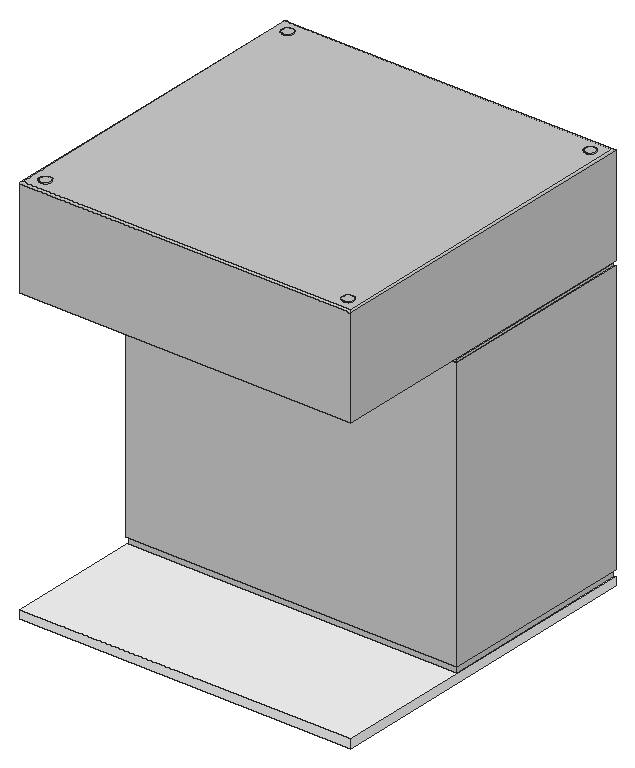
Revit family "BE_77754_de_DE", category Leuchten, Revit 2015
Parameters (values of type "BEGA_77754_Silber_K4")
  built-in parameter 1150104 = 11.613 (stored number, unit not read)
  Windangriffsfläche = ""
  Werkzeuglos = ""
  Wattage = 16.8 W
  Default Elevation = 0 mm
  built-in parameter 1150113 = 1 (stored number, unit not read)
  built-in parameter 1114218 = 1 (stored number, unit not read)
  Umgebungstemperatur = ""
  URL = "http://www.bega.de/produkt/77754"
  Typenkommentare = "© 2015 BEGA. Wir behalten uns das Recht vor, technische Änderungen ohne vorherige Ankündigung vorzunehmen."  # constant formula
  Type Image = 77754.png
  built-in parameter 1150134 = 12
  built-in parameter 1150109 = 1 (stored number, unit not read)
  Strom = ""
  built-in parameter 1150110 = 1 (stored number, unit not read)
  Spannung = 0 V
  Sonderanfertigung = no
  Seriennummer [instance] = "Hier können Sie die eindeutige Seriennummer für das Facility Management eintragen."
  Schutzklasse = "I"
  Schutzart = "IP 65"
  Scheinlast = 0 VA
  Produktdatenblatt = "http://www.bega.de/download/datenblaetter/de/77754.pdf"
  Oberflächentemperatur = ""
  Neigungswinkel = 0.00°
  Modell = "77754AK4"
  Material_17 = BEGA_Reflektor
  Material_15 = BEGA_Leuchtmedium_matt
  Material_11 = BEGA_Glas_opal
  Material_09 = BEGA_Glas_klar
  Material_06 = BEGA_Oberfläche_Edelstahl_gebürstet
  Material_02 = BEGA_Oberfläche_Silber_matt
  Material_01 [instance] = BEGA_Oberfläche_Grafit_matt
  M_W = no
  M_G = no
  M_A = yes
  Logo = 0
  built-in parameter 1114217 = 1 (stored number, unit not read)
  built-in parameter 1150139 = (empty or 0)
  built-in parameter 1150105 = 1256.6 (stored number, unit not read)
  built-in parameter 1150114 = 1 (stored number, unit not read)
  Lumens = 2100 lm
  built-in parameter 1150115 = 1 (stored number, unit not read)
  Leuchtenlichtstrom = "921 lm"
  Leuchtenanzahl = ""
  Lebensdauerkriterien = "L70 = 50.000 h"
  Lastklassifizierung = Beleuchtung
  built-in parameter 1150112 = 1 (stored number, unit not read)
  Lampenlichtstrom = "2100 lm"
  Lampe = "LED 16.8 W"
  LED_Modulbezeichnung = "2x LED-0297/840 "
  built-in parameter 1150142 = (empty or 0)
  Hersteller = "BEGA"  # constant formula
  Halbstreuwinkel = ""
  Gewicht = "27.8 kg"
  Gebrauchslageneinschränkung [instance] = ""
  Frequenz = "0/50-60 Hz"
  Farbwiedergabeindex = "Ra > 80"
  Farbtemperaturverschiebung bei Dämpfen der Lampe = <Keine Auswahl>
  Farbtemperatur = "4000 K"
  Color Filter = 16777215
  built-in parameter 1150133 = 10 (stored number, unit not read)
  Energieeffizienzklasse = "LED A++ - A"
  built-in parameter 1150137 = (empty or 0)
  built-in parameter 1150132 = (empty or 0)
  Einbau_in_Wärmedämmung = ""
  ENEC = ""
  Dimmbar [instance] = ""
  Datei für fotometrisches Netz = "BE_77754K4.IES"
  CE_Konformität = "ja"
  Bestellnummer = "77754AK4"
  Beschreibung_Sonderanfertigung = "Hier können Sie Informationen zur Sonderanfertigung eintragen."
  Beschreibung = "Lichtgestaltungselement"
  built-in parameter 1150106 = 12.566 (stored number, unit not read)
  Belastbarkeit [instance] = ""
  Befestigungsbohrung = "Ø 11 mm"
  Befestigungsabstand = "320 x 160 mm"
  Ballwurfsicher = ""
  BEGA_Intern_aus = yes
  BEGA_Intern_an = yes
  BEGA_Intern_Konstruktion = yes
  BEGA_Intern = yes
  BEGA_IES = yes
  BEGA_Dummy = no
  Anschlussleitung = ""
  Anschlussleistung [instance] = "20.8 W"
  built-in parameter 1150107 = 4000 (stored number, unit not read)
  built-in parameter 1150102 = (empty or 0)
  built-in parameter 1150138 = (empty or 0)
  Aktualisierung = "2016-02-16T04:08:47"
  Abstand_zur_angestrahlten_Fläche [instance] = ""
  AC/DC = "AC/DC"
Types (5, lengths in mm): name | built-in parameter 1150104 | built-in parameter 1150134 | Modell | M_G | M_A | built-in parameter 1150105 | Lumens | Leuchtenlichtstrom | Lampenlichtstrom | LED_Modulbezeichnung | Farbtemperatur | Datei für fotometrisches Netz | Bestellnummer | built-in parameter 1150106 | built-in parameter 1150107
  (no name) | 11.613 (stored number, unit not read) | 12 | "77754AK4" | no | yes | 1256.6 (stored number, unit not read) | 2100 lm | "921 lm" | "2100 lm" | "2x LED-0297/840 " | "4000 K" | "BE_77754K4.IES" | "77754AK4" | 12.566 (stored number, unit not read) | 4000 (stored number, unit not read)
  BEGA_77754_Grafit_K4 | 11.613 (stored number, unit not read) | 12 | "77754K4" | yes | no | 1256.6 (stored number, unit not read) | 2100 lm | "921 lm" | "2100 lm" | "2x LED-0297/840 " | "4000 K" | "BE_77754K4.IES" | "77754K4" | 12.566 (stored number, unit not read) | 4000 (stored number, unit not read)
  BEGA_77754_Silber_K4 | 11.613 (stored number, unit not read) | 12 | "77754AK4" | no | yes | 1256.6 (stored number, unit not read) | 2100 lm | "921 lm" | "2100 lm" | "2x LED-0297/840 " | "4000 K" | "BE_77754K4.IES" | "77754AK4" | 12.566 (stored number, unit not read) | 4000 (stored number, unit not read)
  BEGA_77754_Grafit_K3 | 10.839 (stored number, unit not read) | (empty or 0) | "77754" | yes | no | 1173 (stored number, unit not read) | 1960.06 lm | "897 lm" | "1960 lm" | "2x LED-0297/830 " | "3000 K" | "BE_77754.IES" | "77754" | 11.73 (stored number, unit not read) | 3000 (stored number, unit not read)
  BEGA_77754_Silber_K3 | 10.839 (stored number, unit not read) | (empty or 0) | "77754A" | no | yes | 1173 (stored number, unit not read) | 1960.06 lm | "897 lm" | "1960 lm" | "2x LED-0297/830 " | "3000 K" | "BE_77754.IES" | "77754A" | 11.73 (stored number, unit not read) | 3000 (stored number, unit not read)
Reference planes
  plane 1 "Mitte (Vorne/Hinten)": y = 0
  plane 2: z = 0
  plane 3 "Mitte (Links/Rechts)": x = 0
  plane 4 "Links": x = -200
  plane 5 "Rechts": x = 200
  plane 6 "Unten": y = -200
  plane 7 "Oben": y = 200
  plane 8 "Vorne": z = 463.175
Forms (mm)
  Extrusion 1, solid, material "BEGA_Platte_Weiss"
    sketch origin (0, -1119.2, 0) x (1, 0, 0) y (0, 1, 0)
      loop
        line (-200, 1319.2) -> (-200, 919.2) -> (200, 919.2) -> (200, 1319.2) -> (-200, 1319.2)
    from 0 to -10
  Extrusion 2, solid, material "BEGA_Dummy_matt", visible <- "BEGA_Dummy"
    sketch origin (80.095, -76.023, 0) x (1, 0, 0) y (0, 1, 0)
      loop
        line (-280.095, 276.023) -> (-280.095, -123.977) -> (119.905, -123.977) -> (119.905, 276.023) -> (-280.095, 276.023)
    from 0 to 463.175
Dimensions and locks
  plane 1 "Mitte (Vorne/Hinten)" to Extrusion 1 = 200 mm
  aligned and locked: plane 2 to Extrusion 1
  aligned and locked: level to Extrusion 1
Nested families
  nested 1: "BE_77754" at (0, 0, 0) x (0, 1, 0) z (0, 0, 1), type "BE_77754"
Connectors
  electrical at (0, 0, 0), driven by "Lastklassifizierung", driven by "Spannung", driven by "Scheinlast"
    settings: index 1, voltage 0 V, apparent load 0 VA, apparent load phase1 0 VA, apparent load phase2 0 VA, apparent load phase3 0 VA, power factor 1, load classification "Beleuchtung", number of poles 1, system type 31, power factor state 1, is connector primary yes, connector utility no, sub classification motor no, connector description ""
Definition of nested family "BE_77754"
  Parameters (values of type "BE_77754")
    Default Elevation = 1 mm
    URL = "http://www.bega.de/de/produkt"
    Type Comments = "© 2015 BEGA. Wir behalten uns das Recht vor, technische Änderungen ohne vorherige Ankündigung vorzunehmen. "  # constant formula
    Type Image = (empty or 0)
    Material_17 = none
    Material_15 = none
    Material_11 = none
    Material_09 = none
    Material_06 = none
    Material_03 = none
    Material_02 = none
    Material_01 = none
    M_W = yes
    M_G = yes
    M_A = yes
    Länge_Platte = 500 mm  # constant formula
    Höhe_Platte = -10 mm  # constant formula
    Manufacturer = "BEGA"  # constant formula
    Breite_Platte = 500 mm  # constant formula
  Reference planes
    plane 1 "Mitte (Oben/Unten)": y = 0
    plane 2: z = 0
    plane 3 "Mitte (Links/Rechts)": x = 0
    plane 4 "Hinten": z = 0
    plane 5 "Links": x = -200
    plane 6 "Rechts": x = 200
    plane 7 "Oben": y = 200
    plane 8 "Unten": y = -200
    plane 9: z = 463.175
  Forms (mm)
    Extrusion 1, solid, detail levels medium
      sketch origin (0, 0, 0) x (1, 0, 0) y (0, 1, 0)
        loop
          line (-250, 250) -> (-250, -250) -> (250, -250) -> (250, 250) -> (-250, 250)
      from 0 to -10 <- "Höhe_Platte"
    Sweep 2, solid, material <- "Material_01", visible <- "M_G", detail levels medium+fine
      path origin (0, 0, 0) x (1, 0, 0) y (0, 1, 0)
        loop
          line (-200, 200) -> (-200, -200) -> (200, -200) -> (200, 200) -> (-200, 200)
      profile origin (-200, 0, 0) x (1, 0, 0) y (0, 0, 1)
        loop
          line (0, 461.175) -> (0, 342.175) -> (3.5, 342.175) -> (6.511, 457.175) -> (90.662, 457.175) -> (90.662, 463.175) -> (2, 463.175)
          arc (2, 463.175) -> (0.586, 462.589) -> (0, 461.175) r 2
    Extrusion 3, solid, material <- "Material_01", visible <- "M_G", detail levels medium+fine
      sketch origin (0, 0, 0) x (1, 0, 0) y (0, 1, 0)
        loop
          line (-109.338, -109.338) -> (109.338, -109.338) -> (109.338, 109.338) -> (-109.338, 109.338) -> (-109.338, -109.338)
      from 457.175 to 463.175
    Sweep 4, solid, material <- "Material_01", visible <- "M_G", detail levels medium+fine
      path origin (0, 0, 0) x (1, 0, 0) y (0, 1, 0)
        loop
          line (-200, 200) -> (-200, -200) -> (200, -200) -> (200, 200) -> (-200, 200)
      profile origin (-200, 0, 0) x (1, 0, 0) y (0, 0, 1)
        loop
          line (7.9, 449.001) -> (5.038, 339.705) -> (21.81, 339.412) -> (21.635, 344.416) -> (14.723, 344.537) -> (12.9, 448.992) -> (7.9, 449.001)
    Sweep 5, solid, material <- "Material_01", visible <- "M_G", detail levels medium+fine
      path origin (0, 0, 0) x (1, 0, 0) y (0, 1, 0)
        loop
          line (200, 200) -> (-40, 200) -> (-40, -200) -> (200, -200) -> (200, 200)
      profile origin (200, 0, 0) x (1, 0, 0) y (0, 0, 1)
        loop
          line (0, 337) -> (-1.63, 337) -> (-1.7, 339) -> (-5.02, 339) -> (-5.103, 342.175) -> (-64.978, 342.175) -> (-64.978, 334.781) -> (-45.108, 334.781) -> (-15.657, 332.027)
          arc (-15.657, 332.027) -> (-12.096, 330.625) -> (-10.57, 327.115) r 5
          line (-10.57, 327.115) -> (-5, 8) -> (0, 8) -> (0, 337)
    Extrusion 6, solid, material <- "Material_01", visible <- "M_G", detail levels medium+fine
      sketch origin (0, 0, 0) x (1, 0, 0) y (0, 0, 1)
        loop
          line (-38, 8) -> (-38, 0) -> (198, 0) -> (198, 8) -> (-38, 8)
      from -198 to 198
    Extrusion 7, solid, material <- "Material_01", visible <- "M_G", detail levels medium+fine
      sketch origin (0, 0, 0) x (1, 0, 0) y (0, 1, 0)
        loop
          line (-178.133, 178.134) -> (-178.133, 138.072) -> (-138.071, 178.134) -> (-178.133, 178.134)
        loop
          line (-178.133, -178.134) -> (-138.071, -178.134) -> (-178.133, -138.072) -> (-178.133, -178.134)
      from 339.412 to 344.537
    Extrusion 8, solid, material <- "Material_09", detail levels medium+fine
      sketch origin (0, 0, 0) x (1, 0, 0) y (0, 0, 1)
        loop
          line (-184.2, 348.918) -> (-184.27, 344.919) -> (-34.293, 342.301) -> (-34.223, 346.301) -> (-184.2, 348.918)
      from -185 to 184.343
    Extrusion 9, solid, material <- "Material_17", detail levels medium+fine
      sketch origin (0, 0, 0) x (1, 0, 0) y (0, 0, 1)
        loop
          arc (-30.645, 392.357) -> (-29.938, 392.064) -> (-29.645, 391.357) r 1
          line (-29.645, 391.357) -> (-29.645, 381.15) -> (-28.848, 381.15) -> (-28.848, 391.4)
          arc (-28.848, 391.4) -> (-29.361, 392.637) -> (-30.598, 393.15) r 1.75
          line (-30.598, 393.15) -> (-154.848, 393.15) -> (-154.848, 392.357) -> (-30.645, 392.357)
      from -165 to 165
    Extrusion 10, solid, material <- "Material_15", detail levels medium+fine
      sketch origin (0, 0, 0) x (0, 1, 0) y (0, 0, 1)
        loop
          line (159.783, 385.684) -> (158.118, 385.045) -> (169.936, 354.258) -> (171.601, 354.897) -> (159.783, 385.684)
      from -70.853 to -36.249
    Sweep 11, solid, material <- "Material_02", visible <- "M_A", detail levels medium+fine
      path origin (0, 0, 0) x (1, 0, 0) y (0, 1, 0)
        loop
          line (-200, 200) -> (-200, -200) -> (200, -200) -> (200, 200) -> (-200, 200)
      profile origin (-200, 0, 0) x (1, 0, 0) y (0, 0, 1)
        loop
          line (0, 461.175) -> (0, 342.175) -> (3.5, 342.175) -> (6.511, 457.175) -> (90.662, 457.175) -> (90.662, 463.175) -> (2, 463.175)
          arc (2, 463.175) -> (0.586, 462.589) -> (0, 461.175) r 2
    Extrusion 12, solid, material <- "Material_02", visible <- "M_A", detail levels medium+fine
      sketch origin (0, 0, 0) x (1, 0, 0) y (0, 1, 0)
        loop
          line (-109.338, -109.338) -> (109.338, -109.338) -> (109.338, 109.338) -> (-109.338, 109.338) -> (-109.338, -109.338)
      from 457.175 to 463.175
    Sweep 13, solid, material <- "Material_02", visible <- "M_A", detail levels medium+fine
      path origin (0, 0, 0) x (1, 0, 0) y (0, 1, 0)
        loop
          line (-200, 200) -> (-200, -200) -> (200, -200) -> (200, 200) -> (-200, 200)
      profile origin (-200, 0, 0) x (1, 0, 0) y (0, 0, 1)
        loop
          line (7.9, 449.001) -> (5.038, 339.705) -> (21.81, 339.412) -> (21.635, 344.416) -> (14.723, 344.537) -> (12.9, 448.992) -> (7.9, 449.001)
    Sweep 14, solid, material <- "Material_02", visible <- "M_A", detail levels medium+fine
      path origin (0, 0, 0) x (1, 0, 0) y (0, 1, 0)
        loop
          line (200, 200) -> (-40, 200) -> (-40, -200) -> (200, -200) -> (200, 200)
      profile origin (200, 0, 0) x (1, 0, 0) y (0, 0, 1)
        loop
          line (0, 337) -> (-1.63, 337) -> (-1.7, 339) -> (-5.02, 339) -> (-5.103, 342.175) -> (-64.978, 342.175) -> (-64.978, 334.781) -> (-45.108, 334.781) -> (-15.657, 332.027)
          arc (-15.657, 332.027) -> (-12.096, 330.625) -> (-10.57, 327.115) r 5
          line (-10.57, 327.115) -> (-5, 8) -> (0, 8) -> (0, 337)
    Extrusion 15, solid, material <- "Material_02", visible <- "M_A", detail levels medium+fine
      sketch origin (0, 0, 0) x (1, 0, 0) y (0, 1, 0)
        loop
          line (-178.133, 178.134) -> (-178.133, 138.072) -> (-138.071, 178.134) -> (-178.133, 178.134)
        loop
          line (-178.133, -178.134) -> (-138.071, -178.134) -> (-178.133, -138.072) -> (-178.133, -178.134)
      from 339.412 to 344.537
    Extrusion 16, solid, material <- "Material_02", visible <- "M_A", detail levels medium+fine
      sketch origin (0, 0, 0) x (1, 0, 0) y (0, 0, 1)
        loop
          line (-38, 8) -> (-38, 0) -> (198, 0) -> (198, 8) -> (-38, 8)
      from -198 to 198
    Extrusion 17, void
      sketch origin (0, 0, 0) x (1, 0, 0) y (0, 1, 0)
        loop
          circle (80, 0) r 40
        loop
          circle (160, 160) r 5.5
        loop
          circle (0, 160) r 5.5
        loop
          circle (160, -160) r 5.5
        loop
          circle (0, -160) r 5.5
      from 0 to 10
    Extrusion 18, void
      sketch origin (0, 0, 0) x (1, 0, 0) y (0, 1, 0)
        loop
          circle (-183, 183) r 7
        loop
          circle (183, 183) r 7
        loop
          circle (-183, -183) r 7
        loop
          circle (183, -183) r 7
      from 453.175 to 463.175
    Extrusion 19, solid, material <- "Material_06", detail levels fine
      sketch origin (0, 0, 0) x (1, 0, 0) y (0, 1, 0)
        loop
          circle (-183, 183) r 6.5
        loop
          circle (183, 183) r 6.5
        loop
          circle (-183, -183) r 6.5
        loop
          circle (183, -183) r 6.5
      from 459.175 to 463.575
    Extrusion 20, solid, material <- "Material_15", detail levels medium+fine
      sketch origin (0, 0, 0) x (0, -1, 0) y (0, 0, -1)
        loop
          line (159.783, -385.684) -> (171.601, -354.897) -> (169.936, -354.258) -> (158.118, -385.045) -> (159.783, -385.684)
      from -70.853 to -36.249
  Cuts and joins
    Extrusion 18 cuts Sweep 2
    joined: Sweep 2, Extrusion 3
    joined: Sweep 4, Sweep 5, Extrusion 7
    Extrusion 18 cuts Sweep 11
    joined: Sweep 11, Extrusion 12
    joined: Sweep 13, Sweep 14, Extrusion 15
    Extrusion 17, Extrusion 18 cuts Extrusion 6
    Extrusion 17, Extrusion 18 cuts Extrusion 16
  Dimensions and locks
    equal spacing: Extrusion 1 sketch curve, plane 3 "Mitte (Links/Rechts)", Extrusion 1 sketch curve
    equal spacing: Extrusion 1 sketch curve, plane 1 "Mitte (Oben/Unten)", Extrusion 1 sketch curve
    "Länge_Platte": Extrusion 1 sketch curve to Extrusion 1 sketch curve
    "Breite_Platte": Extrusion 1 sketch curve to Extrusion 1 sketch curve
    aligned and locked: Extrusion 1 to plane 2
    aligned and locked: level to Extrusion 1
  Automatic sketch dimensions
    Sweep 2 sketch curve to plane 5 "Links" = 0 mm
    Sweep 2 sketch curve to plane 6 "Rechts" = 0 mm
    Sweep 2 sketch curve to plane 8 "Unten" = 0 mm
    Sweep 2 sketch curve to plane 7 "Oben" = 0 mm
    profile plane to Sweep 2 sketch curve = 0 mm
    Sweep 2 sketch curve to profile plane = 2 mm
    Sweep 2 sketch curve to profile plane = 3.5 mm
    Sweep 2 sketch curve to Sweep 2 sketch curve = 4.511 mm
    Sweep 2 sketch curve to Sweep 2 sketch curve = 84.15 mm
    level to Sweep 2 sketch curve = 342.175 mm
    Sweep 2 sketch curve to Sweep 2 sketch curve = 115 mm
    Sweep 2 sketch curve to Sweep 2 sketch curve = 4 mm
    plane 5 "Links" to Extrusion 3 sketch curve = 90.662 mm
    Extrusion 3 sketch curve to plane 6 "Rechts" = 90.662 mm
    plane 8 "Unten" to Extrusion 3 sketch curve = 90.662 mm
    Extrusion 3 sketch curve to plane 7 "Oben" = 90.662 mm
    Sweep 4 sketch curve to plane 5 "Links" = 0 mm
    Sweep 4 sketch curve to plane 6 "Rechts" = 0 mm
    Sweep 4 sketch curve to plane 8 "Unten" = 0 mm
    Sweep 4 sketch curve to plane 7 "Oben" = 0 mm
    Sweep 4 sketch curve to profile plane = 5.038 mm
    Sweep 4 sketch curve to profile plane = 7.9 mm
    Sweep 4 sketch curve to Sweep 4 sketch curve = 5 mm
    Sweep 4 sketch curve to Sweep 4 sketch curve = 9.685 mm
    Sweep 4 sketch curve to Sweep 4 sketch curve = 6.912 mm
    Sweep 4 sketch curve to Sweep 4 sketch curve = 0.175 mm
    level to Sweep 4 sketch curve = 339.412 mm
    Sweep 4 sketch curve to Sweep 4 sketch curve = 0.293 mm
    Sweep 4 sketch curve to Sweep 4 sketch curve = 5.004 mm
    Sweep 4 sketch curve to Sweep 4 sketch curve = 0.121 mm
    Sweep 4 sketch curve to Sweep 4 sketch curve = 104.455 mm
    Sweep 4 sketch curve to Sweep 4 sketch curve = 0.009 mm
    Sweep 5 sketch curve to plane 7 "Oben" = 0 mm
    Sweep 5 sketch curve to plane 8 "Unten" = 0 mm
    Sweep 5 sketch curve to plane 6 "Rechts" = 0 mm
    Sweep 5 sketch curve to plane 3 "Mitte (Links/Rechts)" = 40 mm
    profile plane to Sweep 5 sketch curve = 0 mm
    Sweep 5 sketch curve to Sweep 5 sketch curve = 1.63 mm
    profile plane to Sweep 5 sketch curve = 1.7 mm
    Sweep 5 sketch curve to Sweep 5 sketch curve = 5 mm
    Sweep 5 sketch curve to Sweep 5 sketch curve = 3.32 mm
    Sweep 5 sketch curve to Sweep 5 sketch curve = 0.083 mm
    profile plane to Sweep 5 sketch curve = 15.569 mm
    Sweep 5 sketch curve to Sweep 5 sketch curve = 0.088 mm
    Sweep 5 sketch curve to Sweep 5 sketch curve = 29.451 mm
    Sweep 5 sketch curve to Sweep 5 sketch curve = 19.87 mm
    level to Sweep 5 sketch curve = 8 mm
    Sweep 5 sketch curve to Sweep 5 sketch curve = 319.028 mm
    Sweep 5 sketch curve to Sweep 5 sketch curve = 4.999 mm  (x2)
    Sweep 5 sketch curve to Sweep 5 sketch curve = 2.753 mm
    Sweep 5 sketch curve to Sweep 5 sketch curve = 4.973 mm
    Sweep 5 sketch curve to Sweep 5 sketch curve = 2 mm
    Sweep 5 sketch curve to Sweep 5 sketch curve = 7.394 mm
    Sweep 5 sketch curve to Sweep 5 sketch curve = 0 mm  (x2)
    Extrusion 6 sketch curve to level = 0 mm
    Extrusion 6 sketch curve to plane 3 "Mitte (Links/Rechts)" = 38 mm
    Extrusion 6 sketch curve to plane 6 "Rechts" = 2 mm
    Extrusion 6 sketch curve to Extrusion 6 sketch curve = 8 mm
    plane 5 "Links" to Extrusion 7 sketch curve = 21.867 mm  (x2)
    Extrusion 7 sketch curve to Extrusion 7 sketch curve = 40.062 mm  (x3)
    plane 8 "Unten" to Extrusion 7 sketch curve = 21.866 mm
    Extrusion 7 sketch curve to plane 7 "Oben" = 61.928 mm
    Extrusion 7 sketch curve to plane 7 "Oben" = 21.866 mm
    plane 5 "Links" to Extrusion 8 sketch curve = 15.73 mm
    Extrusion 8 sketch curve to Extrusion 8 sketch curve = 0.07 mm  (x2)
    Extrusion 8 sketch curve to plane 3 "Mitte (Links/Rechts)" = 34.293 mm
    Extrusion 8 sketch curve to plane 9 = 120.874 mm
    Extrusion 8 sketch curve to plane 9 = 118.256 mm
    Extrusion 8 sketch curve to Extrusion 8 sketch curve = 3.999 mm  (x2)
    plane 5 "Links" to Extrusion 9 sketch curve = 45.152 mm
    Extrusion 9 sketch curve to plane 3 "Mitte (Links/Rechts)" = 30.645 mm
    Extrusion 9 sketch curve to Extrusion 9 sketch curve = 0.047 mm
    Extrusion 9 sketch curve to Extrusion 9 sketch curve = 1 mm
    Extrusion 9 sketch curve to Extrusion 9 sketch curve = 0.797 mm
    Extrusion 9 sketch curve to plane 9 = 82.025 mm
    Extrusion 9 sketch curve to Extrusion 9 sketch curve = 10.207 mm
    Extrusion 9 sketch curve to Extrusion 9 sketch curve = 0.043 mm
    Extrusion 10 sketch curve to plane 7 "Oben" = 41.882 mm
    Extrusion 10 sketch curve to Extrusion 10 sketch curve = 1.665 mm
    Extrusion 10 sketch curve to plane 7 "Oben" = 30.064 mm
    Extrusion 10 sketch curve to plane 9 = 108.917 mm
    Extrusion 10 sketch curve to Extrusion 10 sketch curve = 0.639 mm
    Sweep 11 sketch curve to plane 5 "Links" = 0 mm
    Sweep 11 sketch curve to plane 6 "Rechts" = 0 mm
    Sweep 11 sketch curve to plane 8 "Unten" = 0 mm
    Sweep 11 sketch curve to plane 7 "Oben" = 0 mm
    profile plane to Sweep 11 sketch curve = 0 mm
    Sweep 11 sketch curve to profile plane = 2 mm
    Sweep 11 sketch curve to profile plane = 3.5 mm
    Sweep 11 sketch curve to Sweep 11 sketch curve = 4.511 mm
    Sweep 11 sketch curve to Sweep 11 sketch curve = 84.15 mm
    level to Sweep 11 sketch curve = 342.175 mm
    Sweep 11 sketch curve to Sweep 11 sketch curve = 115 mm
    Sweep 11 sketch curve to Sweep 11 sketch curve = 4 mm
    plane 5 "Links" to Extrusion 12 sketch curve = 90.662 mm
    Extrusion 12 sketch curve to plane 6 "Rechts" = 90.662 mm
    plane 8 "Unten" to Extrusion 12 sketch curve = 90.662 mm
    Extrusion 12 sketch curve to plane 7 "Oben" = 90.662 mm
    Sweep 13 sketch curve to plane 5 "Links" = 0 mm
    Sweep 13 sketch curve to plane 6 "Rechts" = 0 mm
    Sweep 13 sketch curve to plane 8 "Unten" = 0 mm
    Sweep 13 sketch curve to plane 7 "Oben" = 0 mm
    Sweep 13 sketch curve to profile plane = 5.038 mm
    Sweep 13 sketch curve to profile plane = 7.9 mm
    Sweep 13 sketch curve to Sweep 13 sketch curve = 5 mm
    Sweep 13 sketch curve to Sweep 13 sketch curve = 9.685 mm
    Sweep 13 sketch curve to Sweep 13 sketch curve = 6.912 mm
    Sweep 13 sketch curve to Sweep 13 sketch curve = 0.175 mm
    level to Sweep 13 sketch curve = 339.412 mm
    Sweep 13 sketch curve to Sweep 13 sketch curve = 0.293 mm
    Sweep 13 sketch curve to Sweep 13 sketch curve = 5.004 mm
    Sweep 13 sketch curve to Sweep 13 sketch curve = 0.121 mm
    Sweep 13 sketch curve to Sweep 13 sketch curve = 104.455 mm
    Sweep 13 sketch curve to Sweep 13 sketch curve = 0.009 mm
    Sweep 14 sketch curve to plane 7 "Oben" = 0 mm
    Sweep 14 sketch curve to plane 8 "Unten" = 0 mm
    Sweep 14 sketch curve to plane 6 "Rechts" = 0 mm
    Sweep 14 sketch curve to plane 3 "Mitte (Links/Rechts)" = 40 mm
    profile plane to Sweep 14 sketch curve = 0 mm
    Sweep 14 sketch curve to Sweep 14 sketch curve = 1.63 mm
    profile plane to Sweep 14 sketch curve = 1.7 mm
    Sweep 14 sketch curve to Sweep 14 sketch curve = 5 mm
    Sweep 14 sketch curve to Sweep 14 sketch curve = 3.32 mm
    Sweep 14 sketch curve to Sweep 14 sketch curve = 0.083 mm
    profile plane to Sweep 14 sketch curve = 15.569 mm
    Sweep 14 sketch curve to Sweep 14 sketch curve = 0.088 mm
    Sweep 14 sketch curve to Sweep 14 sketch curve = 29.451 mm
    Sweep 14 sketch curve to Sweep 14 sketch curve = 19.87 mm
    level to Sweep 14 sketch curve = 8 mm
    Sweep 14 sketch curve to Sweep 14 sketch curve = 319.028 mm
    Sweep 14 sketch curve to Sweep 14 sketch curve = 4.999 mm  (x2)
    Sweep 14 sketch curve to Sweep 14 sketch curve = 2.753 mm
    Sweep 14 sketch curve to Sweep 14 sketch curve = 4.973 mm
    Sweep 14 sketch curve to Sweep 14 sketch curve = 2 mm
    Sweep 14 sketch curve to Sweep 14 sketch curve = 7.394 mm
    Sweep 14 sketch curve to Sweep 14 sketch curve = 0 mm  (x2)
    plane 5 "Links" to Extrusion 15 sketch curve = 21.867 mm  (x2)
    Extrusion 15 sketch curve to Extrusion 15 sketch curve = 40.062 mm  (x3)
    plane 8 "Unten" to Extrusion 15 sketch curve = 21.866 mm
    Extrusion 15 sketch curve to plane 7 "Oben" = 61.928 mm
    Extrusion 15 sketch curve to plane 7 "Oben" = 21.866 mm
    Extrusion 16 sketch curve to level = 0 mm
    Extrusion 16 sketch curve to plane 3 "Mitte (Links/Rechts)" = 38 mm
    Extrusion 16 sketch curve to plane 6 "Rechts" = 2 mm
    Extrusion 16 sketch curve to Extrusion 16 sketch curve = 8 mm
    Extrusion 17 sketch curve to plane 3 "Mitte (Links/Rechts)" = 0 mm  (x2)
    plane 1 "Mitte (Oben/Unten)" to Extrusion 17 sketch curve = 0 mm
    plane 3 "Mitte (Links/Rechts)" to Extrusion 17 sketch curve = 80 mm
    Extrusion 17 sketch curve to plane 6 "Rechts" = 40 mm  (x2)
    plane 8 "Unten" to Extrusion 17 sketch curve = 40 mm  (x2)
    Extrusion 17 sketch curve to plane 7 "Oben" = 40 mm  (x2)
    plane 5 "Links" to Extrusion 19 sketch curve = 17 mm  (x2)
    Extrusion 19 sketch curve to plane 6 "Rechts" = 17 mm  (x2)
    plane 8 "Unten" to Extrusion 19 sketch curve = 17 mm  (x2)
    Extrusion 19 sketch curve to plane 7 "Oben" = 17 mm  (x2)
    Extrusion 20 sketch curve to plane 8 "Unten" = 41.882 mm
    Extrusion 20 sketch curve to Extrusion 20 sketch curve = 1.665 mm
    Extrusion 20 sketch curve to plane 8 "Unten" = 30.064 mm
    plane 9 to Extrusion 20 sketch curve = 108.917 mm
    Extrusion 20 sketch curve to Extrusion 20 sketch curve = 0.639 mm
    radius of Extrusion 17 sketch curve = 40 mm
    radius of Extrusion 17 sketch curve = 5.5 mm  (x4)
    radius of Extrusion 19 sketch curve = 6.5 mm  (x4)
